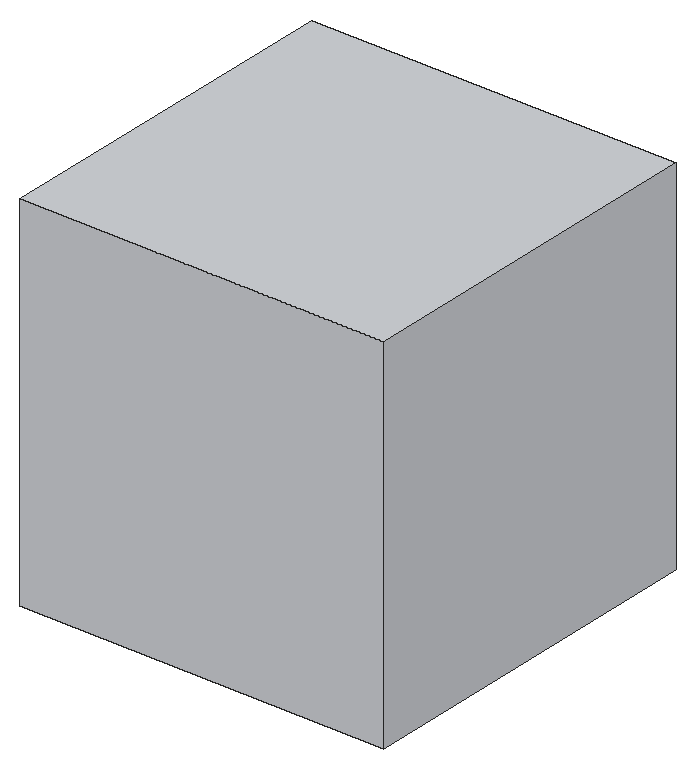
Revit family "AH_CubeGenericObjectData", category Generic Models, Revit 2025
Family settings
  Can host rebar = No
  Round Connector Dimension = Use Diameter
  Part Type = Normal
  Work Plane-Based = No
  Always vertical = Yes
  Cut with Voids When Loaded = No
  Maintain Annotation Orientation = No
  Shared = No
  Room Calculation Point = No
Parameters (values of type "Dummy")
  Standalone = ""
  Default Elevation = 0 mm
  Aanwezig in Project = no
Reference planes
  plane 1 "Center (Front/Back)": y = 0
  plane 2: z = 0
  plane 3 "Center (Left/Right)": x = 0
Forms (mm)
  Extrusion 1, solid
    sketch origin (190.139, -250, 0) x (1, 0, 0) y (0, 1, 0)
      loop
        line (-440.139, 0.464) -> (59.861, 0.464) -> (59.861, 500.464) -> (-440.139, 500.464) -> (-440.139, 0.464)
    from 0 to 500
Dimensions and locks
  aligned and locked: level to plane 2
